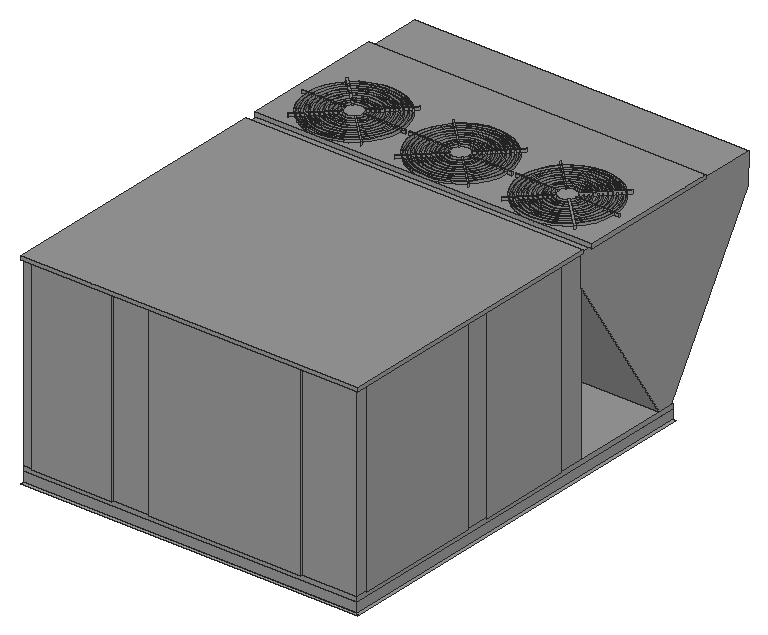
Revit family "RTU-1", category Mechanical Equipment, host Face, Revit 2025
Family settings
  Host = Face
  Round Connector Dimension = Use Diameter
  Classification = None
  Part Type = Normal
  Cut with Voids When Loaded = No
  Maintain Annotation Orientation = Yes
  Shared = No
  Room Calculation Point = No
Parameters (values of type "RTU-3")
  URL = "https://tech.lennoxintl.com/C03e7o14l/VIu12Ch2uV/ehb_lch_cbox_2109.pdf"
  Model = "LCH 156 H4B L 1Y"
  Material = Aluminum 1100-O
  Manufacturer = "LENNOX"
  Grill Material = Steel, Paint Finish, Dark Gray
  Default Elevation = 48"
Reference planes (in)
  plane 1 "Center (Front/Back)": y = 0
  plane 2: z = 0
  plane 3 "Center (Left/Right)": x = 0
  plane 4: z = 45.1875
  plane 5: y = 48.0625
  plane 6: x = -30.90625
  plane 7: x = -31.90625
  plane 8: x = -32.90625
  plane 9: x = -33.90625
  plane 10: x = -34.90625
  plane 11: x = -35.90625
  plane 12: x = -36.90625
  plane 13: x = -37.90625
  plane 14: x = -38.90625
  plane 15: x = -39.90625
  plane 16: x = -40.90625
  plane 17: x = -42.34375
  plane 18: x = -41.03125
  plane 19: x = -14.71875
  plane 20: x = -16.03125
  plane 21: through (-28.53125, 37.65625, 55) normal (-0.7071, -0.7071, 0)
  plane 22: through (-28.53125, 37.65625, 55) normal (-0.7071, 0.7071, 0)
  plane 23: through (-28.53125, 37.65625, 55) normal (0.7071, -0.7071, 0)
  plane 24: through (-28.53125, 37.65625, 55) normal (0.7071, 0.7071, 0)
  plane 25: through (-37.25023, 48.4711, 110.75) normal (0.7071, -0.7071, 0)
  plane 26: through (-37.37008, 46.49508, 110.75) normal (-0.7071, 0.7071, 0)
  plane 27: through (-19.81227, 48.4711, 110.75) normal (0.7071, 0.7071, 0)
  plane 28: through (-19.69242, 46.49508, 110.75) normal (-0.7071, -0.7071, 0)
  plane 29: through (-37.25023, 26.8414, 110.75) normal (-0.7071, -0.7071, 0)
  plane 30: through (-37.37008, 28.81742, 110.75) normal (0.7071, 0.7071, 0)
  plane 31: through (-19.81227, 26.8414, 110.75) normal (-0.7071, 0.7071, 0)
  plane 32: through (-19.69242, 28.81742, 110.75) normal (0.7071, -0.7071, 0)
  plane 33: x = -30.90625
  plane 34: x = -31.90625
  plane 35: x = -32.90625
  plane 36: x = -33.90625
  plane 37: x = -34.90625
  plane 38: x = -35.90625
  plane 39: x = -36.90625
  plane 40: x = -37.90625
  plane 41: x = -38.90625
  plane 42: x = -39.90625
  plane 43: x = -40.90625
  plane 44: x = -42.34375
  plane 45: x = -41.03125
  plane 46: x = -14.71875
  plane 47: x = -16.03125
  plane 48: through (-37.25023, 48.4711, 110.75) normal (0.7071, -0.7071, 0)
  plane 49: through (-37.37008, 46.49508, 110.75) normal (-0.7071, 0.7071, 0)
  plane 50: through (-19.81227, 48.4711, 110.75) normal (0.7071, 0.7071, 0)
  plane 51: through (-19.69242, 46.49508, 110.75) normal (-0.7071, -0.7071, 0)
  plane 52: through (-37.25023, 26.8414, 110.75) normal (-0.7071, -0.7071, 0)
  plane 53: through (-37.37008, 28.81742, 110.75) normal (0.7071, 0.7071, 0)
  plane 54: through (-19.81227, 26.8414, 110.75) normal (-0.7071, 0.7071, 0)
  plane 55: through (-19.69242, 28.81742, 110.75) normal (0.7071, -0.7071, 0)
  plane 56: x = -2.375
  plane 57: x = -3.375
  plane 58: x = -4.375
  plane 59: x = -5.375
  plane 60: x = -6.375
  plane 61: x = -7.375
  plane 62: x = -8.375
  plane 63: x = -9.375
  plane 64: x = -10.375
  plane 65: x = -11.375
  plane 66: x = -12.375
  plane 67: x = -13.8125
  plane 68: x = -12.5
  plane 69: x = 13.8125
  plane 70: x = 12.5
  plane 71: through (-8.71898, 48.4711, 110.75) normal (0.7071, -0.7071, 0)
  plane 72: through (-8.83883, 46.49508, 110.75) normal (-0.7071, 0.7071, 0)
  plane 73: through (8.71898, 48.4711, 110.75) normal (0.7071, 0.7071, 0)
  plane 74: through (8.83883, 46.49508, 110.75) normal (-0.7071, -0.7071, 0)
  plane 75: through (-8.71898, 26.8414, 110.75) normal (-0.7071, -0.7071, 0)
  plane 76: through (-8.83883, 28.81742, 110.75) normal (0.7071, 0.7071, 0)
  plane 77: through (8.71898, 26.8414, 110.75) normal (-0.7071, 0.7071, 0)
  plane 78: through (8.83883, 28.81742, 110.75) normal (0.7071, -0.7071, 0)
  plane 79: x = 26.15625
  plane 80: x = 25.15625
  plane 81: x = 24.15625
  plane 82: x = 23.15625
  plane 83: x = 22.15625
  plane 84: x = 21.15625
  plane 85: x = 20.15625
  plane 86: x = 19.15625
  plane 87: x = 18.15625
  plane 88: x = 17.15625
  plane 89: x = 16.15625
  plane 90: x = 14.71875
  plane 91: x = 16.03125
  plane 92: x = 42.34375
  plane 93: x = 41.03125
  plane 94: through (19.81227, 48.4711, 110.75) normal (0.7071, -0.7071, 0)
  plane 95: through (19.69242, 46.49508, 110.75) normal (-0.7071, 0.7071, 0)
  plane 96: through (37.25023, 48.4711, 110.75) normal (0.7071, 0.7071, 0)
  plane 97: through (37.37008, 46.49508, 110.75) normal (-0.7071, -0.7071, 0)
  plane 98: through (19.81227, 26.8414, 110.75) normal (-0.7071, -0.7071, 0)
  plane 99: through (19.69242, 28.81742, 110.75) normal (0.7071, 0.7071, 0)
  plane 100: through (37.25023, 26.8414, 110.75) normal (-0.7071, 0.7071, 0)
  plane 101: through (37.37008, 28.81742, 110.75) normal (0.7071, -0.7071, 0)
  plane 102: y = 52.0625
  plane 103: y = 50.0625
Forms (in)
  Extrusion 1, solid, material "Aluminum 1100-O" <- "Material"
    sketch origin (0, 0, 0) x (1, 0, 0) y (0, 1, 0)
      loop
        line (-44.5625, 22.0625) -> (-44.5625, -52.75) -> (44.5625, -52.75) -> (44.5625, 22.0625) -> (-44.5625, 22.0625)
    from 4.125 to 53.5625
  Extrusion 2, solid, material "Aluminum 1100-O" <- "Material"
    sketch origin (0, 0, -50.125) x (1, 0, 0) y (0, 1, 0)
      loop
        line (-44.5625, 52.75) -> (-44.5625, -52.75) -> (44.5625, -52.75) -> (44.5625, 52.75) -> (-44.5625, 52.75)
    from 53.0625 to 54.25
  Extrusion 3, solid, material "Aluminum 1100-O" <- "Material"
    sketch origin (0, 0, -51.3125) x (1, 0, 0) y (0, 1, 0)
      loop
        line (-44.5625, 52.75) -> (-44.5625, -52.75) -> (44.5625, -52.75) -> (44.5625, 52.75) -> (-44.5625, 52.75)
    from 51.6875 to 54.25
  Blend 4, solid, material "Aluminum 1100-O" <- "Material"
    base sketch origin (0, 0, 0) x (1, 0, 0) y (0, 1, 0)
      loop
        line (-45.0625, 53.25) -> (-45.0625, -53.25) -> (45.0625, -53.25) -> (45.0625, 53.25) -> (-45.0625, 53.25)
    top sketch origin (0, 0, 0) x (1, 0, 0) y (0, 1, 0)
      loop
        line (-44.5625, 52.75) -> (-44.5625, -52.75) -> (44.5625, -52.75) -> (44.5625, 52.75) -> (-44.5625, 52.75)
    from 0 to 0.375
  Extrusion 5, solid, material "Aluminum 1100-O" <- "Material"
    sketch origin (0, 0, 0) x (0, 1, 0) y (0, 0, 1)
      loop
        line (22.0625, 45.1875) -> (48.0625, 4.125) -> (52.0625, 4.125) -> (78.0625, 45.1875) -> (78.0625, 53.5625) -> (22.0625, 53.5625) -> (22.0625, 45.1875)
    from -44.5625 to 44.5625
  Extrusion 6, solid, material "Aluminum 1100-O" <- "Material"
    sketch origin (0, 0, 0) x (1, 0, 0) y (0, 1, 0)
      loop
        line (-45.0625, 22.0625) -> (-45.0625, -53.25) -> (45.0625, -53.25) -> (45.0625, 22.0625) -> (-45.0625, 22.0625)
    from 53.5625 to 54.625
  Extrusion 7, solid, material "Aluminum 1100-O" <- "Material"
    sketch origin (0, 75.3125, 0) x (1, 0, 0) y (0, 1, 0)
      loop
        line (-45.0625, -12.21296) -> (-45.0625, -50.21296) -> (45.0625, -50.21296) -> (45.0625, -12.21296) -> (-45.0625, -12.21296)
    from 53.5625 to 54.625
  Extrusion 8, void
    sketch origin (-8.58719, -1.71744, 0) x (1, 0, 0) y (0, 1, 0)
      loop
        circle (8.58719, 39.37369) r 12.5
      loop
        circle (-19.94406, 39.37369) r 12.5
      loop
        circle (37.11844, 39.37369) r 12.5
    from 45.45857 to 54.625
  Extrusion 9, solid, material "Steel, Paint Finish, Dark Gray" <- "Grill Material"
    sketch origin (0, 0, 54.625) x (1, 0, 0) y (0, 1, 0)
      loop
        circle (-28.53125, 37.65625) r 2.375
      loop
        circle (-28.53125, 37.65625) r 3.375
      loop
        circle (-28.53125, 37.65625) r 3.5
      loop
        circle (-28.53125, 37.65625) r 4.375
      loop
        circle (-28.53125, 37.65625) r 5.25
      loop
        circle (-28.53125, 37.65625) r 4.5
      loop
        circle (-28.53125, 37.65625) r 5.375
      loop
        circle (-28.53125, 37.65625) r 6.375
      loop
        circle (-28.53125, 37.65625) r 7.375
      loop
        circle (-28.53125, 37.65625) r 9.375
      loop
        circle (-28.53125, 37.65625) r 10.375
      loop
        circle (-28.53125, 37.65625) r 11.375
      loop
        circle (-28.53125, 37.65625) r 12.375
      loop
        circle (-28.53125, 37.65625) r 12.5
      loop
        circle (-28.53125, 37.65625) r 7.5
      loop
        circle (-28.53125, 37.65625) r 9.5
      loop
        circle (-28.53125, 37.65625) r 10.5
      loop
        circle (-28.53125, 37.65625) r 11.5
      loop
        circle (-28.53125, 37.65625) r 8.375
      loop
        circle (-28.53125, 37.65625) r 8.5
      loop
        circle (-28.53125, 37.65625) r 6.5
    from 0 to 0.625
  Extrusion 10, solid, material "Steel, Paint Finish, Dark Gray" <- "Grill Material"
    sketch origin (0, 0, 55.75) x (1, 0, 0) y (0, 1, 0)
      loop
        line (-42.34375, 37.78125) -> (-42.34375, 37.53125) -> (-30.90296, 37.53125)
        arc (-30.90296, 37.53125) -> (-30.90543, 37.59373) -> (-30.90625, 37.65625) r 2.375
        arc (-30.90625, 37.65625) -> (-30.90543, 37.71877) -> (-30.90296, 37.78125) r 2.375
        line (-30.90296, 37.78125) -> (-42.34375, 37.78125)
    from -1.125 to -0.3427
  Extrusion 11, solid, material "Steel, Paint Finish, Dark Gray" <- "Grill Material"
    sketch origin (-57.0625, 0, 55.75) x (-1, 0, 0) y (0, -1, 0)
      loop
        line (-42.34375, -37.78125) -> (-30.90296, -37.78125)
        arc (-30.90296, -37.78125) -> (-30.90543, -37.71877) -> (-30.90625, -37.65625) r 2.375
        arc (-30.90625, -37.65625) -> (-30.90543, -37.59373) -> (-30.90296, -37.53125) r 2.375
        line (-30.90296, -37.53125) -> (-42.34375, -37.53125) -> (-42.34375, -37.78125)
    from -1.125 to -0.3427
  Extrusion 12, solid, material "Steel, Paint Finish, Dark Gray" <- "Grill Material"
    sketch origin (-34.9836, -9.14538, 55.75) x (0.707107, -0.707107, 0) y (0.707107, 0.707107, 0)
      loop
        line (-42.34375, 37.78125) -> (-42.34375, 37.53125) -> (-30.90296, 37.53125)
        arc (-30.90296, 37.53125) -> (-30.90543, 37.59373) -> (-30.90625, 37.65625) r 2.375
        arc (-30.90625, 37.65625) -> (-30.90543, 37.71877) -> (-30.90296, 37.78125) r 2.375
        line (-30.90296, 37.78125) -> (-42.34375, 37.78125)
    from -1.125 to -0.3427
  Extrusion 13, solid, material "Steel, Paint Finish, Dark Gray" <- "Grill Material"
    sketch origin (-22.0789, -9.14538, 55.75) x (-0.707107, -0.707107, 0) y (0.707107, -0.707107, 0)
      loop
        line (-42.34375, -37.78125) -> (-30.90296, -37.78125)
        arc (-30.90296, -37.78125) -> (-30.90543, -37.71877) -> (-30.90625, -37.65625) r 2.375
        arc (-30.90625, -37.65625) -> (-30.90543, -37.59373) -> (-30.90296, -37.53125) r 2.375
        line (-30.90296, -37.53125) -> (-42.34375, -37.53125) -> (-42.34375, -37.78125)
    from -1.125 to -0.3427
  Extrusion 14, solid, material "Steel, Paint Finish, Dark Gray" <- "Grill Material"
    sketch origin (-34.9836, 84.45788, 55.75) x (0.707107, 0.707107, 0) y (-0.707107, 0.707107, 0)
      loop
        line (-42.34375, -37.78125) -> (-30.90296, -37.78125)
        arc (-30.90296, -37.78125) -> (-30.90543, -37.71877) -> (-30.90625, -37.65625) r 2.375
        arc (-30.90625, -37.65625) -> (-30.90543, -37.59373) -> (-30.90296, -37.53125) r 2.375
        line (-30.90296, -37.53125) -> (-42.34375, -37.53125) -> (-42.34375, -37.78125)
    from -1.125 to -0.3427
  Extrusion 15, solid, material "Steel, Paint Finish, Dark Gray" <- "Grill Material"
    sketch origin (-22.0789, 84.45788, 55.75) x (-0.707107, 0.707107, 0) y (-0.707107, -0.707107, 0)
      loop
        line (-42.34375, 37.78125) -> (-42.34375, 37.53125) -> (-30.90296, 37.53125)
        arc (-30.90296, 37.53125) -> (-30.90543, 37.59373) -> (-30.90625, 37.65625) r 2.375
        arc (-30.90625, 37.65625) -> (-30.90543, 37.71877) -> (-30.90296, 37.78125) r 2.375
        line (-30.90296, 37.78125) -> (-42.34375, 37.78125)
    from -1.125 to -0.3427
  Extrusion 16, solid, material "Steel, Paint Finish, Dark Gray" <- "Grill Material", not visible
    sketch origin (0, 0, 54.625) x (1, 0, 0) y (0, 1, 0)
      loop
        circle (-28.53125, 37.65625) r 2.375
      loop
        circle (-28.53125, 37.65625) r 3.375
      loop
        circle (-28.53125, 37.65625) r 3.5
      loop
        circle (-28.53125, 37.65625) r 4.375
      loop
        circle (-28.53125, 37.65625) r 5.25
      loop
        circle (-28.53125, 37.65625) r 4.5
      loop
        circle (-28.53125, 37.65625) r 5.375
      loop
        circle (-28.53125, 37.65625) r 6.375
      loop
        circle (-28.53125, 37.65625) r 7.375
      loop
        circle (-28.53125, 37.65625) r 9.375
      loop
        circle (-28.53125, 37.65625) r 10.375
      loop
        circle (-28.53125, 37.65625) r 11.375
      loop
        circle (-28.53125, 37.65625) r 12.375
      loop
        circle (-28.53125, 37.65625) r 12.5
      loop
        circle (-28.53125, 37.65625) r 7.5
      loop
        circle (-28.53125, 37.65625) r 9.5
      loop
        circle (-28.53125, 37.65625) r 10.5
      loop
        circle (-28.53125, 37.65625) r 11.5
      loop
        circle (-28.53125, 37.65625) r 8.375
      loop
        circle (-28.53125, 37.65625) r 8.5
      loop
        circle (-28.53125, 37.65625) r 6.5
    from 0 to 0.625
  Extrusion 17, solid, material "Steel, Paint Finish, Dark Gray" <- "Grill Material", not visible
    sketch origin (0, 0, 55.75) x (1, 0, 0) y (0, 1, 0)
      loop
        line (-42.34375, 37.78125) -> (-42.34375, 37.53125) -> (-30.90296, 37.53125)
        arc (-30.90296, 37.53125) -> (-30.90543, 37.59373) -> (-30.90625, 37.65625) r 2.375
        arc (-30.90625, 37.65625) -> (-30.90543, 37.71877) -> (-30.90296, 37.78125) r 2.375
        line (-30.90296, 37.78125) -> (-42.34375, 37.78125)
    from -1.125 to -0.3427
  Extrusion 18, solid, material "Steel, Paint Finish, Dark Gray" <- "Grill Material", not visible
    sketch origin (-57.0625, 0, 55.75) x (-1, 0, 0) y (0, -1, 0)
      loop
        line (-42.34375, -37.78125) -> (-30.90296, -37.78125)
        arc (-30.90296, -37.78125) -> (-30.90543, -37.71877) -> (-30.90625, -37.65625) r 2.375
        arc (-30.90625, -37.65625) -> (-30.90543, -37.59373) -> (-30.90296, -37.53125) r 2.375
        line (-30.90296, -37.53125) -> (-42.34375, -37.53125) -> (-42.34375, -37.78125)
    from -1.125 to -0.3427
  Extrusion 19, solid, material "Steel, Paint Finish, Dark Gray" <- "Grill Material", not visible
    sketch origin (-34.9836, -9.14538, 55.75) x (0.707107, -0.707107, 0) y (0.707107, 0.707107, 0)
      loop
        line (-42.34375, 37.78125) -> (-42.34375, 37.53125) -> (-30.90296, 37.53125)
        arc (-30.90296, 37.53125) -> (-30.90543, 37.59373) -> (-30.90625, 37.65625) r 2.375
        arc (-30.90625, 37.65625) -> (-30.90543, 37.71877) -> (-30.90296, 37.78125) r 2.375
        line (-30.90296, 37.78125) -> (-42.34375, 37.78125)
    from -1.125 to -0.3427
  Extrusion 20, solid, material "Steel, Paint Finish, Dark Gray" <- "Grill Material", not visible
    sketch origin (-22.0789, -9.14538, 55.75) x (-0.707107, -0.707107, 0) y (0.707107, -0.707107, 0)
      loop
        line (-42.34375, -37.78125) -> (-30.90296, -37.78125)
        arc (-30.90296, -37.78125) -> (-30.90543, -37.71877) -> (-30.90625, -37.65625) r 2.375
        arc (-30.90625, -37.65625) -> (-30.90543, -37.59373) -> (-30.90296, -37.53125) r 2.375
        line (-30.90296, -37.53125) -> (-42.34375, -37.53125) -> (-42.34375, -37.78125)
    from -1.125 to -0.3427
  Extrusion 21, solid, material "Steel, Paint Finish, Dark Gray" <- "Grill Material", not visible
    sketch origin (-34.9836, 84.45788, 55.75) x (0.707107, 0.707107, 0) y (-0.707107, 0.707107, 0)
      loop
        line (-42.34375, -37.78125) -> (-30.90296, -37.78125)
        arc (-30.90296, -37.78125) -> (-30.90543, -37.71877) -> (-30.90625, -37.65625) r 2.375
        arc (-30.90625, -37.65625) -> (-30.90543, -37.59373) -> (-30.90296, -37.53125) r 2.375
        line (-30.90296, -37.53125) -> (-42.34375, -37.53125) -> (-42.34375, -37.78125)
    from -1.125 to -0.3427
  Extrusion 22, solid, material "Steel, Paint Finish, Dark Gray" <- "Grill Material", not visible
    sketch origin (-22.0789, 84.45788, 55.75) x (-0.707107, 0.707107, 0) y (-0.707107, -0.707107, 0)
      loop
        line (-42.34375, 37.78125) -> (-42.34375, 37.53125) -> (-30.90296, 37.53125)
        arc (-30.90296, 37.53125) -> (-30.90543, 37.59373) -> (-30.90625, 37.65625) r 2.375
        arc (-30.90625, 37.65625) -> (-30.90543, 37.71877) -> (-30.90296, 37.78125) r 2.375
        line (-30.90296, 37.78125) -> (-42.34375, 37.78125)
    from -1.125 to -0.3427
  Extrusion 23, solid, material "Steel, Paint Finish, Dark Gray" <- "Grill Material"
    sketch origin (28.53125, 0, 54.625) x (1, 0, 0) y (0, 1, 0)
      loop
        circle (-28.53125, 37.65625) r 2.375
      loop
        circle (-28.53125, 37.65625) r 3.375
      loop
        circle (-28.53125, 37.65625) r 3.5
      loop
        circle (-28.53125, 37.65625) r 4.375
      loop
        circle (-28.53125, 37.65625) r 5.25
      loop
        circle (-28.53125, 37.65625) r 4.5
      loop
        circle (-28.53125, 37.65625) r 5.375
      loop
        circle (-28.53125, 37.65625) r 6.375
      loop
        circle (-28.53125, 37.65625) r 7.375
      loop
        circle (-28.53125, 37.65625) r 9.375
      loop
        circle (-28.53125, 37.65625) r 10.375
      loop
        circle (-28.53125, 37.65625) r 11.375
      loop
        circle (-28.53125, 37.65625) r 12.375
      loop
        circle (-28.53125, 37.65625) r 12.5
      loop
        circle (-28.53125, 37.65625) r 7.5
      loop
        circle (-28.53125, 37.65625) r 9.5
      loop
        circle (-28.53125, 37.65625) r 10.5
      loop
        circle (-28.53125, 37.65625) r 11.5
      loop
        circle (-28.53125, 37.65625) r 8.375
      loop
        circle (-28.53125, 37.65625) r 8.5
      loop
        circle (-28.53125, 37.65625) r 6.5
    from 0 to 0.625
  Extrusion 24, solid, material "Steel, Paint Finish, Dark Gray" <- "Grill Material"
    sketch origin (28.53125, 0, 55.75) x (1, 0, 0) y (0, 1, 0)
      loop
        line (-42.34375, 37.78125) -> (-42.34375, 37.53125) -> (-30.90296, 37.53125)
        arc (-30.90296, 37.53125) -> (-30.90543, 37.59373) -> (-30.90625, 37.65625) r 2.375
        arc (-30.90625, 37.65625) -> (-30.90543, 37.71877) -> (-30.90296, 37.78125) r 2.375
        line (-30.90296, 37.78125) -> (-42.34375, 37.78125)
    from -1.125 to -0.3427
  Extrusion 25, solid, material "Steel, Paint Finish, Dark Gray" <- "Grill Material"
    sketch origin (-28.53125, 0, 55.75) x (-1, 0, 0) y (0, -1, 0)
      loop
        line (-42.34375, -37.78125) -> (-30.90296, -37.78125)
        arc (-30.90296, -37.78125) -> (-30.90543, -37.71877) -> (-30.90625, -37.65625) r 2.375
        arc (-30.90625, -37.65625) -> (-30.90543, -37.59373) -> (-30.90296, -37.53125) r 2.375
        line (-30.90296, -37.53125) -> (-42.34375, -37.53125) -> (-42.34375, -37.78125)
    from -1.125 to -0.3427
  Extrusion 26, solid, material "Steel, Paint Finish, Dark Gray" <- "Grill Material"
    sketch origin (-6.45235, -9.14538, 55.75) x (0.707107, -0.707107, 0) y (0.707107, 0.707107, 0)
      loop
        line (-42.34375, 37.78125) -> (-42.34375, 37.53125) -> (-30.90296, 37.53125)
        arc (-30.90296, 37.53125) -> (-30.90543, 37.59373) -> (-30.90625, 37.65625) r 2.375
        arc (-30.90625, 37.65625) -> (-30.90543, 37.71877) -> (-30.90296, 37.78125) r 2.375
        line (-30.90296, 37.78125) -> (-42.34375, 37.78125)
    from -1.125 to -0.3427
  Extrusion 27, solid, material "Steel, Paint Finish, Dark Gray" <- "Grill Material"
    sketch origin (6.45235, -9.14538, 55.75) x (-0.707107, -0.707107, 0) y (0.707107, -0.707107, 0)
      loop
        line (-42.34375, -37.78125) -> (-30.90296, -37.78125)
        arc (-30.90296, -37.78125) -> (-30.90543, -37.71877) -> (-30.90625, -37.65625) r 2.375
        arc (-30.90625, -37.65625) -> (-30.90543, -37.59373) -> (-30.90296, -37.53125) r 2.375
        line (-30.90296, -37.53125) -> (-42.34375, -37.53125) -> (-42.34375, -37.78125)
    from -1.125 to -0.3427
  Extrusion 28, solid, material "Steel, Paint Finish, Dark Gray" <- "Grill Material"
    sketch origin (-6.45235, 84.45788, 55.75) x (0.707107, 0.707107, 0) y (-0.707107, 0.707107, 0)
      loop
        line (-42.34375, -37.78125) -> (-30.90296, -37.78125)
        arc (-30.90296, -37.78125) -> (-30.90543, -37.71877) -> (-30.90625, -37.65625) r 2.375
        arc (-30.90625, -37.65625) -> (-30.90543, -37.59373) -> (-30.90296, -37.53125) r 2.375
        line (-30.90296, -37.53125) -> (-42.34375, -37.53125) -> (-42.34375, -37.78125)
    from -1.125 to -0.3427
  Extrusion 29, solid, material "Steel, Paint Finish, Dark Gray" <- "Grill Material"
    sketch origin (6.45235, 84.45788, 55.75) x (-0.707107, 0.707107, 0) y (-0.707107, -0.707107, 0)
      loop
        line (-42.34375, 37.78125) -> (-42.34375, 37.53125) -> (-30.90296, 37.53125)
        arc (-30.90296, 37.53125) -> (-30.90543, 37.59373) -> (-30.90625, 37.65625) r 2.375
        arc (-30.90625, 37.65625) -> (-30.90543, 37.71877) -> (-30.90296, 37.78125) r 2.375
        line (-30.90296, 37.78125) -> (-42.34375, 37.78125)
    from -1.125 to -0.3427
  Extrusion 30, solid, material "Steel, Paint Finish, Dark Gray" <- "Grill Material"
    sketch origin (57.0625, 0, 54.625) x (1, 0, 0) y (0, 1, 0)
      loop
        circle (-28.53125, 37.65625) r 2.375
      loop
        circle (-28.53125, 37.65625) r 3.375
      loop
        circle (-28.53125, 37.65625) r 3.5
      loop
        circle (-28.53125, 37.65625) r 4.375
      loop
        circle (-28.53125, 37.65625) r 5.25
      loop
        circle (-28.53125, 37.65625) r 4.5
      loop
        circle (-28.53125, 37.65625) r 5.375
      loop
        circle (-28.53125, 37.65625) r 6.375
      loop
        circle (-28.53125, 37.65625) r 7.375
      loop
        circle (-28.53125, 37.65625) r 9.375
      loop
        circle (-28.53125, 37.65625) r 10.375
      loop
        circle (-28.53125, 37.65625) r 11.375
      loop
        circle (-28.53125, 37.65625) r 12.375
      loop
        circle (-28.53125, 37.65625) r 12.5
      loop
        circle (-28.53125, 37.65625) r 7.5
      loop
        circle (-28.53125, 37.65625) r 9.5
      loop
        circle (-28.53125, 37.65625) r 10.5
      loop
        circle (-28.53125, 37.65625) r 11.5
      loop
        circle (-28.53125, 37.65625) r 8.375
      loop
        circle (-28.53125, 37.65625) r 8.5
      loop
        circle (-28.53125, 37.65625) r 6.5
    from 0 to 0.625
  Extrusion 31, solid, material "Steel, Paint Finish, Dark Gray" <- "Grill Material"
    sketch origin (57.0625, 0, 55.75) x (1, 0, 0) y (0, 1, 0)
      loop
        line (-42.34375, 37.78125) -> (-42.34375, 37.53125) -> (-30.90296, 37.53125)
        arc (-30.90296, 37.53125) -> (-30.90543, 37.59373) -> (-30.90625, 37.65625) r 2.375
        arc (-30.90625, 37.65625) -> (-30.90543, 37.71877) -> (-30.90296, 37.78125) r 2.375
        line (-30.90296, 37.78125) -> (-42.34375, 37.78125)
    from -1.125 to -0.3427
  Extrusion 32, solid, material "Steel, Paint Finish, Dark Gray" <- "Grill Material"
    sketch origin (0, 0, 55.75) x (-1, 0, 0) y (0, -1, 0)
      loop
        line (-42.34375, -37.78125) -> (-30.90296, -37.78125)
        arc (-30.90296, -37.78125) -> (-30.90543, -37.71877) -> (-30.90625, -37.65625) r 2.375
        arc (-30.90625, -37.65625) -> (-30.90543, -37.59373) -> (-30.90296, -37.53125) r 2.375
        line (-30.90296, -37.53125) -> (-42.34375, -37.53125) -> (-42.34375, -37.78125)
    from -1.125 to -0.3427
  Extrusion 33, solid, material "Steel, Paint Finish, Dark Gray" <- "Grill Material"
    sketch origin (22.0789, -9.14538, 55.75) x (0.707107, -0.707107, 0) y (0.707107, 0.707107, 0)
      loop
        line (-42.34375, 37.78125) -> (-42.34375, 37.53125) -> (-30.90296, 37.53125)
        arc (-30.90296, 37.53125) -> (-30.90543, 37.59373) -> (-30.90625, 37.65625) r 2.375
        arc (-30.90625, 37.65625) -> (-30.90543, 37.71877) -> (-30.90296, 37.78125) r 2.375
        line (-30.90296, 37.78125) -> (-42.34375, 37.78125)
    from -1.125 to -0.3427
  Extrusion 34, solid, material "Steel, Paint Finish, Dark Gray" <- "Grill Material"
    sketch origin (34.9836, -9.14538, 55.75) x (-0.707107, -0.707107, 0) y (0.707107, -0.707107, 0)
      loop
        line (-42.34375, -37.78125) -> (-30.90296, -37.78125)
        arc (-30.90296, -37.78125) -> (-30.90543, -37.71877) -> (-30.90625, -37.65625) r 2.375
        arc (-30.90625, -37.65625) -> (-30.90543, -37.59373) -> (-30.90296, -37.53125) r 2.375
        line (-30.90296, -37.53125) -> (-42.34375, -37.53125) -> (-42.34375, -37.78125)
    from -1.125 to -0.3427
  Extrusion 35, solid, material "Steel, Paint Finish, Dark Gray" <- "Grill Material"
    sketch origin (22.0789, 84.45788, 55.75) x (0.707107, 0.707107, 0) y (-0.707107, 0.707107, 0)
      loop
        line (-42.34375, -37.78125) -> (-30.90296, -37.78125)
        arc (-30.90296, -37.78125) -> (-30.90543, -37.71877) -> (-30.90625, -37.65625) r 2.375
        arc (-30.90625, -37.65625) -> (-30.90543, -37.59373) -> (-30.90296, -37.53125) r 2.375
        line (-30.90296, -37.53125) -> (-42.34375, -37.53125) -> (-42.34375, -37.78125)
    from -1.125 to -0.3427
  Extrusion 36, solid, material "Steel, Paint Finish, Dark Gray" <- "Grill Material"
    sketch origin (34.9836, 84.45788, 55.75) x (-0.707107, 0.707107, 0) y (-0.707107, -0.707107, 0)
      loop
        line (-42.34375, 37.78125) -> (-42.34375, 37.53125) -> (-30.90296, 37.53125)
        arc (-30.90296, 37.53125) -> (-30.90543, 37.59373) -> (-30.90625, 37.65625) r 2.375
        arc (-30.90625, 37.65625) -> (-30.90543, 37.71877) -> (-30.90296, 37.78125) r 2.375
        line (-30.90296, 37.78125) -> (-42.34375, 37.78125)
    from -1.125 to -0.3427
  Extrusion 37, void
    sketch origin (0, 0, 0) x (1, 0, 0) y (0, 1, 0)
      loop
        line (-40.8125, 19.625) -> (-40.8125, -40.875) -> (-19.44507, -40.875) -> (-19.44507, 19.625) -> (-40.8125, 19.625)
      loop
        line (-1.44507, -12.875) -> (-1.44507, -40.875) -> (18.55493, -40.875) -> (18.55493, -12.875) -> (-1.44507, -12.875)
      loop
        line (-1.44507, 19.625) -> (-1.44507, -8.375) -> (18.55493, -8.375) -> (18.55493, 19.625) -> (-1.44507, 19.625)
      loop
        line (33.0625, -44.25) -> (33.0625, -49.25) -> (41.0625, -49.25) -> (41.0625, -44.25) -> (33.0625, -44.25)
    from 0 to 12
Cuts and joins
  Extrusion 8, Extrusion 37 cuts Extrusion 2
  Extrusion 8, Extrusion 37 cuts Extrusion 3
  Extrusion 8, Extrusion 37 cuts Blend 4
  Extrusion 8 cuts Extrusion 5
  Extrusion 8 cuts Extrusion 7
  Extrusion 37 cuts Extrusion 1
Dimensions and locks (in)
  equal spacing: Extrusion 1 sketch curve, plane 3 "Center (Left/Right)", Extrusion 1 sketch curve
  plane 3 "Center (Left/Right)" to Extrusion 1 sketch curve = 44 9/16"
  Extrusion 1 sketch curve to Extrusion 1 sketch curve = 89 1/8"
  plane 1 "Center (Front/Back)" to Extrusion 1 sketch curve = 52 3/4"
  Extrusion 1 sketch curve to Extrusion 1 sketch curve = 74 13/16"
  Extrusion 1 to nested 1 = 3 1/8"  (x2)
  nested 1 to nested 2 = 6 3/8"
  Extrusion 2 sketch curve to Extrusion 2 sketch curve = 89 1/8"  (x2)
  Extrusion 2 sketch curve to Extrusion 2 sketch curve = 105 1/2"  (x2)
  Extrusion 3 sketch curve to Extrusion 3 sketch curve = 89 1/8"  (x2)
  Extrusion 3 sketch curve to Extrusion 3 sketch curve = 105 1/2"  (x2)
  nested 1 to nested 1 = 33 1/2"
  cut or joined group of Extrusion 7, Extrusion 8 to cut or joined group of Extrusion 7, Extrusion 8 = 38"
  Extrusion 6 to Extrusion 37 sketch curve = 4 1/4"
  Extrusion 37 sketch curve to Extrusion 6 = 12 3/8"
  Extrusion 37 sketch curve to Extrusion 37 sketch curve = 60 1/2"
  Extrusion 6 to cut or joined group of Extrusion 7, Extrusion 8 = 116.34954"
  aligned and locked: host face to plane 2
  aligned and locked: host face to level
Nested families (in)
  nested 1: "Panel" at (44.5625, -32.875, 28.84375) x (0, 1, 0) z (1, 0, 0), type "Panel"
    with Width 33 1/2", Length 49 7/16"
  nested 2: "Panel" at (44.5625, 2.6875, 28.84375) x (0, 1, 0) z (1, 0, 0), type "Panel"
    with Width 24 7/8", Length 49 7/16"
  nested 3: "Panel" at (-44.5625, -32.875, 28.84375) x (0, 1, 0) z (-1, 0, 0), type "Panel"
    with Width 33 1/2", Length 49 7/16"
  nested 4: "Panel" at (-44.5625, 2.6875, 28.84375) x (0, 1, 0) z (-1, 0, 0), type "Panel"
    with Width 24 7/8", Length 49 7/16"
  nested 5: "Panel" at (-31.46875, -52.75, 28.84375) x (1, 0, 0) z (0, -1, 0), type "Panel"
    with Width 21 9/16", Length 49 7/16"
  nested 6: "Panel" at (9.46875, -52.75, 28.84375) x (1, 0, 0) z (0, -1, 0), type "Panel"
    with Width 40 11/16", Length 49 7/16"
Definition of nested family "Panel"
  Parameters (values of type "Panel")
    Width [instance] = 21 9/16"
    Material = none
    Length [instance] = 49 7/16"
    Default Elevation = 48"
  Reference planes (in)
    plane 1 "Center (Front/Back)": y = 0
    plane 2: z = 0
    plane 3 "Center (Left/Right)": x = 0
    plane 4: z = 0.25
    plane 5: x = -10.78125
    plane 6: x = 10.78125
    plane 7: y = 24.71875
    plane 8: y = -24.71875
  Forms (in)
    Extrusion 1, solid
      sketch origin (0, 0, 0) x (1, 0, 0) y (0, 1, 0)
        loop
          line (-48, 48) -> (-48, -48) -> (48, -48) -> (48, 48) -> (-48, 48)
      from 0 to -12
    Extrusion 2, solid, material <- "Material"
      sketch origin (0, 0, 0) x (1, 0, 0) y (0, 1, 0)
        loop
          line (-10.78125, 24.71875) -> (-10.78125, -24.71875) -> (10.78125, -24.71875) -> (10.78125, 24.71875) -> (-10.78125, 24.71875)
      from 0 to 0.25
  Dimensions and locks (in)
    plane 4 to plane 2 = 1/4"
    equal spacing: plane 5, plane 3 "Center (Left/Right)", plane 6
    equal spacing: plane 7, plane 1 "Center (Front/Back)", plane 8
    "Length": plane 7 to plane 8
    "Width": plane 5 to plane 6
    aligned and locked: plane 2 to Extrusion 1
    aligned and locked: level to Extrusion 1
    aligned and locked: plane 4 to Extrusion 2
    aligned and locked: Extrusion 2 to plane 6
    aligned and locked: Extrusion 2 to plane 5
    aligned and locked: plane 8 to Extrusion 2
    aligned and locked: plane 7 to Extrusion 2
  Automatic sketch dimensions
    Extrusion 1 sketch curve to Extrusion 1 sketch curve = 96"  (x2)
    plane 5 to Extrusion 2 sketch curve = 0"
    Extrusion 2 sketch curve to plane 6 = 0"
    plane 1 "Center (Front/Back)" to Extrusion 2 sketch curve = 24 23/32"
    Extrusion 2 sketch curve to plane 1 "Center (Front/Back)" = 24 23/32"
